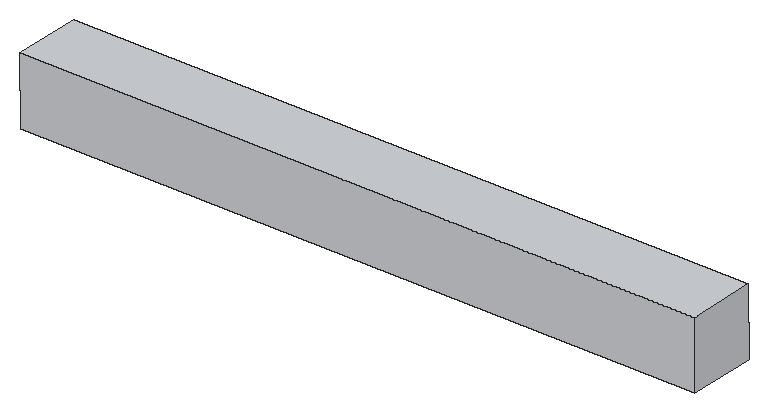
Revit family "InfillHeader", category Structural Framing, Revit 2024
Family settings
  Section Shape = Not Defined
  Material for Model Behavior = Other
  Always export as geometry = No
  OmniClass Number = 23.25.30.11.14.14
  OmniClass Title = Beams
  Always vertical = Yes
  Cut with Voids When Loaded = No
  Symbolic Representation = From Family
  Shared = No
  Show family pre-cut in plan views = Yes
Parameters
  b [instance] = 1' - 0"
  Length [instance] = 10' - 0"
  d [instance] = 1' - 0"
  Extrusion Start [instance] = -b / 2  # -0' - 6"
  Extrusion End [instance] = b / 2  # 0' - 6"
Reference planes (in)
  plane 1 "Center (Front/Back)": y = 0
  plane 2 "Center El.": z = 0
  plane 3 "Center (Left/Right)": x = 0
  plane 4 "Left": x = -60
  plane 5 "Member Left": x = -48
  plane 6 "Stick Symbol Left": x = -36
  plane 7 "Right": x = 60
  plane 8 "Member Right": x = 48
  plane 9 "Stick Symbol Right": x = 36
  plane 10: z = 6
  plane 11: z = -6
Forms (in)
  Extrusion 1, solid
    sketch origin (0, 0, 0) x (1, 0, 0) y (0, 0, 1)
      loop
        line (-60, 6) -> (-60, -6) -> (60, -6) -> (60, 6) -> (-60, 6)
    from -6 <- "Extrusion Start" to 6 <- "Extrusion End"
Dimensions and locks (in)
  equal spacing: plane 4 "Left", plane 3 "Center (Left/Right)", plane 7 "Right"
  "Length": plane 4 "Left" to plane 7 "Right"
  equal spacing: plane 10, level, plane 11
  "d": plane 10 to plane 11
  aligned and locked: level to plane 2 "Center El."
  aligned and locked: Extrusion 1 sketch curve to plane 10
  aligned and locked: Extrusion 1 sketch curve to plane 4 "Left"
  aligned and locked: plane 11 to Extrusion 1 sketch curve
  aligned and locked: plane 7 "Right" to Extrusion 1 sketch curve
